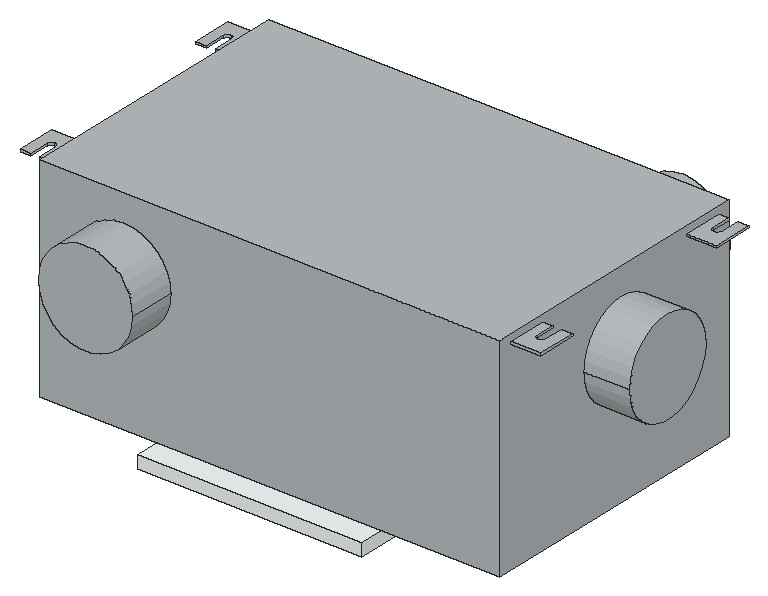
Revit family "sku-25_65hc_50Hz", category 機械設備, Revit 2019
Family settings
  丸型コネクタ寸法 = 直径を使用
  パーツ タイプ = 標準
  OmniClass 番号 = 23.75.10.34.21
  OmniClass タイトル = Heat Exchangers for Ventilation Air
  作業面ベース = いいえ
  常に垂直 = はい
  ロード時にボイドで切り取り = いいえ
  共有 = いいえ
  部屋計算ポイント = はい
Parameters (values of type "SKU-25HC")
  騒音レベル(dB(A)) = 29
  風量 = 250.0 m³/h
  面風速 = 3.93 m/s
  電源種別 [instance] = "一般"
  電圧 = 100 V
  電動機出力 = 0 W
  集中コントローラ = ""
  運転質量 = 0.00 kg
  連動 [instance] = ""
  質量 = if(製品質量 > 運転質量, 製品質量, 運転質量) * 1.2  # 18.60 kg
  負荷分類 = 3_ファン類
  説明 = "店舗用ロスナイ 真下グリル形"
  設計風量 = 0.0 m³/h
  設置方法 = "カセット形"
  記号 [instance] = ""
  製造元 = "三菱電機株式会社"
  製品質量 = 15.50 kg
  製品出荷対象 = "国内"
  製品リリース年月 = "2003/5/1"
  製品グループ = ""
  系統 [instance] = ""
  符号 = "HEU"
  積算_科目 = "1 空気調和設備"
  積算_拾い区分 [instance] = ""
  相 = 1
  盤記号 [instance] = ""
  発停方法 [instance] = "別売スイッチ"
  特殊仕様 [instance] = ""
  火災停止 [instance] = ""
  温度交換効率 = 50.00%
  消費電力 = 73 W
  法定耐用年数 = "15"
  機外静圧_排気 = 20.0 Pa
  機外静圧 = 20.0 Pa
  構成部品 = "排気グリル、ライン形給気グリル"
  極数 = 2
  材質 [instance] = ""
  本体マテリアル = 溶融亜鉛めっき鋼板
  操作・制御方式 = ""
  操作・制御スイッチ = ""
  排気量 = 0.0 m³/h
  形式 = "カセット形"
  幹線記号 [instance] = ""
  対象室 [instance] = ""
  実風量 = 0.0 m³/h
  始動方式 [instance] = "直入"
  天吊金具_径 = 6.5 mm
  天吊金具_幅 = 30 mm
  外気量 = 0.0 m³/h
  呼称 = "全熱交換ユニット"
  周波数 = 50 Hz
  天吊金具ピッチ2 = 330 mm
  天吊金具ピッチ1 = 736 mm
  天吊金具_高さ = 10 mm
  参照している仕様書等のバージョン = ""
  初期抵抗 = 0.0 Pa
  分類コード = "50052504100080"
  分類グループ = ""
  価格 = 148000
  企業コード = "108420"
  付属品_フィルター_還気 = ""
  付属品_フィルター = ""
  付属品 [instance] = ""
  仕様書バージョン = "Version1.0"
  モデル = "SKU-25HC"
  パネルマテリアル = 樹脂成形
  コメント [instance] = ""
  Keynote = ""
  エンタルピ交換効率_暖房 = 38.00%
  エンタルピ交換効率_冷房 = 32.00%
  Assembly Code = ""
  Width = 690 mm
  Version = ""
  Uniclass2015Version = "Systems v1.9"
  Uniclass2015Title = "Thermal wheels"
  Uniclass2015Code = "Pr_60_60_36_88"
  URL = "https://www.mitsubishielectric.co.jp/ldg/wink/ssl/displayProduct.do?pid=42643"
  SpecificationReference = ""
  SpecificationDescription = ""
  Panel_Center = 13 mm
  Duct_W_SA_EA = 220 mm
  Duct_W_OA = 13 mm
  SAサイズ_D = 142 mm
  Revision = ""
  RAサイズ_D = 0 mm
  ProductInformation = ""
  OmniClassCode = "23-27 23 19 11"
  OAサイズ_W = 0 mm
  OAサイズ_D = 142 mm
  MIN風量 = 160.0 m³/h
  MIN静圧 = 0.0 Pa
  MAX風量 = 250.0 m³/h
  MAX静圧 = 20.0 Pa
  IfcTypeProduct = ""
  IfcProduct = ""
  IfcExportType = "ROTARYWHEEL"
  IfcExportAs = "IfcAirToAirHeatRecoveryType"
  Height = 318 mm
  EAサイズ_W = 0 mm
  EAサイズ_D = 142 mm
  Duct_Pitch = 320 mm
  Duct_Height = 111 mm
  Duct_Depth = 70 mm
  Depth = 430 mm
  Panel_Width = 337 mm
  Panel_Height = 18 mm
  Panel_Depth = 505 mm
  Author = "三菱電機株式会社"
Types (4, lengths in mm): name | 騒音レベル(dB(A)) | 風量 | 面風速 | 質量 | 製品質量 | 温度交換効率 | 消費電力 | 機外静圧_排気 | 機外静圧 | 天吊金具ピッチ2 | 天吊金具ピッチ1 | 価格 | モデル | エンタルピ交換効率_暖房 | エンタルピ交換効率_冷房 | Width | URL | Duct_W_SA_EA | Duct_W_OA | SAサイズ_D | OAサイズ_D | MIN風量 | MAX風量 | MAX静圧 | Height | EAサイズ_D | Duct_Height | Duct_Depth | Depth | Panel_Width | Panel_Depth
  SKU-25HC | 29 | 250.0 m³/h | 3.93 m/s | 18.60 kg | 15.50 kg | 50.00% | 73 W | 20.0 Pa | 20.0 Pa | 330 | 736 | 148000 | "SKU-25HC" | 38.00% | 32.00% | 690 | "https://www.mitsubishielectric.co.jp/ldg/wink/ssl/displayProduct.do?pid=42643" | 220 | 13 | 142 | 142 | 160.0 m³/h | 250.0 m³/h | 20.0 Pa | 318 | 142 | 111 | 70 | 430 | 337 | 505
  SKU-35HC | 38 | 350.0 m³/h | 5.5 m/s | 19.20 kg | 16.00 kg | 44.00% | 122 W | 10.0 Pa | 10.0 Pa | 330 | 736 | 168000 | "SKU-35HC" | 32.00% | 26.00% | 690 | "https://www.mitsubishielectric.co.jp/ldg/wink/ssl/displayProduct.do?pid=42644" | 220 | 13 | 142 | 142 | 210.0 m³/h | 350.0 m³/h | 10.0 Pa | 318 | 142 | 111 | 70 | 430 | 337 | 505
  SKU-50HC | 37 | 500.0 m³/h | 4.42 m/s | 31.20 kg | 26.00 kg | 52.00% | 166 W | 20.0 Pa | 20.0 Pa | 420 | 872 | 214000 | "SKU-50HC" | 40.00% | 33.00% | 826 | "https://www.mitsubishielectric.co.jp/ldg/wink/ssl/displayProduct.do?pid=42645" | 262 | 19 | 192 | 192 | 320.0 m³/h | 500.0 m³/h | 20.0 Pa | 390 | 192 | 142 | 85 | 520 | 419 | 595
  SKU-65HC | 41 | 650.0 m³/h | 5.75 m/s | 31.20 kg | 26.00 kg | 47.00% | 209 W | 10.0 Pa | 10.0 Pa | 420 | 872 | 242000 | "SKU-65HC" | 35.00% | 29.00% | 826 | "https://www.mitsubishielectric.co.jp/ldg/wink/ssl/displayProduct.do?pid=42646" | 262 | 19 | 192 | 192 | 410.0 m³/h | 650.0 m³/h | 10.0 Pa | 390 | 192 | 142 | 85 | 520 | 419 | 595
Reference planes
  plane 1 "中心(正面/背面)": y = 0
  plane 2: z = 0
  plane 3 "中心(左/右)": x = 0
  plane 4: x = -345
  plane 5: x = 345
  plane 6: y = 215
  plane 7: y = -215
  plane 8: z = 207
  plane 9: x = -220
  plane 10: y = -285
  plane 11: x = -368
  plane 12: x = 368
  plane 13: y = 165
  plane 14: y = -165
  plane 15: y = 195
  plane 16: y = 135
  plane 17: y = -135
  plane 18: y = -195
  plane 19: z = 308
  plane 20: z = 305
  plane 21: x = -168.5
  plane 22: y = 252.5
  plane 23: y = -252.5
  plane 24: x = 168.5
  plane 25: z = -18
  plane 26: x = -390.5
  plane 27: x = 390.5
  plane 28: x = 220
  plane 29: y = 13
  plane 30: x = 415
  plane 31: z = 318
  plane 32: y = 285
Forms (mm)
  Extrusion 1, solid, material "溶融亜鉛めっき鋼板" <- "本体マテリアル", detail levels fine
    sketch origin (0, 0, 0) x (1, 0, 0) y (0, 1, 0)
      loop
        line (-345, 215) -> (-345, -215) -> (345, -215) -> (345, 215) -> (-345, 215)
    from 318 to 0
  Extrusion 2, solid, material "溶融亜鉛めっき鋼板" <- "本体マテリアル", detail levels fine
    sketch origin (-510, -445, 0) x (1, 0, 0) y (0, 0, 1)
      loop
        circle (290, 207) r 71
    from -230 to -160
  Extrusion 3, solid, material "樹脂成形" <- "パネルマテリアル", detail levels fine
    sketch origin (0, 0, 0) x (1, 0, 0) y (0, 1, 0)
      loop
        line (-168.5, 252.5) -> (-168.5, -252.5) -> (168.5, -252.5) -> (168.5, 252.5) -> (-168.5, 252.5)
    from -18 to 0
  Extrusion 4, solid, material "溶融亜鉛めっき鋼板", detail levels fine
    sketch origin (0, 0, 0) x (1, 0, 0) y (0, 1, 0)
      loop
        line (-345, 195) -> (-390.5, 195) -> (-390.5, 135) -> (-374.5, 135) -> (-374.5, 165)
        arc (-374.5, 165) -> (-368, 171.5) -> (-361.5, 165) r 6.5
        line (-361.5, 165) -> (-361.5, 135) -> (-345, 135) -> (-345, 195)
    from 305 to 308
  Extrusion 5, solid, material "溶融亜鉛めっき鋼板", detail levels fine
    sketch origin (0, 0, 0) x (1, 0, 0) y (0, 1, 0)
      loop
        line (-345, -135) -> (-390.5, -135) -> (-390.5, -195) -> (-374.5, -195) -> (-374.5, -165)
        arc (-374.5, -165) -> (-368, -158.5) -> (-361.5, -165) r 6.5
        line (-361.5, -165) -> (-361.5, -195) -> (-345, -195) -> (-345, -135)
    from 305 to 308
  Extrusion 6, solid, material "溶融亜鉛めっき鋼板", detail levels fine
    sketch origin (0, 0, 0) x (-1, 0, 0) y (0, -1, 0)
      loop
        line (-345, 195) -> (-390.5, 195) -> (-390.5, 135) -> (-374.5, 135) -> (-374.5, 165)
        arc (-374.5, 165) -> (-368, 171.5) -> (-361.5, 165) r 6.5
        line (-361.5, 165) -> (-361.5, 135) -> (-345, 135) -> (-345, 195)
    from 305 to 308
  Extrusion 7, solid, material "溶融亜鉛めっき鋼板", detail levels fine
    sketch origin (0, 420, 0) x (-1, 0, 0) y (0, -1, 0)
      loop
        line (-345, 285) -> (-390.5, 285) -> (-390.5, 225) -> (-374.5, 225) -> (-374.5, 255)
        arc (-374.5, 255) -> (-368, 261.5) -> (-361.5, 255) r 6.5
        line (-361.5, 255) -> (-361.5, 225) -> (-345, 225) -> (-345, 285)
    from 305 to 308
  Extrusion 8, solid, material "溶融亜鉛めっき鋼板" <- "本体マテリアル", detail levels fine
    sketch origin (-510, 445, 0) x (1, 0, 0) y (0, 0, -1)
      loop
        circle (730, -207) r 71
    from -230 to -160
  Extrusion 9, solid, material "溶融亜鉛めっき鋼板" <- "本体マテリアル", detail levels fine
    sketch origin (0, 0, 0) x (0, 1, 0) y (0, 0, 1)
      loop
        circle (13, 207) r 71
    from 345 to 415
Lines and regions (mm)
  Masking region 1, detail levels coarse+medium
    outline origin (1326.5, 29, 0) x (1, 0, 0) y (0, 1, 0)
      loop
        line (-1671.5, 186) -> (-1671.5, -244) -> (-981.5, -244) -> (-981.5, 186) -> (-1671.5, 186)
  symbolic lines, detail levels coarse+medium
    curve 1: line (0, 215, 0) -> (-345, 0, 0)
    curve 2: line (-345, 0, 0) -> (0, -215, 0)
    curve 3: line (0, -215, 0) -> (345, 0, 0)
    curve 4: line (345, 0, 0) -> (0, 215, 0)
Dimensions and locks
  equal spacing: plane 4, plane 3 "中心(左/右)", plane 5
  "Width": plane 4 to plane 5
  equal spacing: plane 6, plane 1 "中心(正面/背面)", plane 7
  "Depth": plane 6 to plane 7
  "Duct_Depth": plane 7 to plane 10
  equal spacing: plane 11, plane 3 "中心(左/右)", plane 12
  "天吊金具ピッチ1": plane 11 to plane 12
  equal spacing: plane 13, plane 1 "中心(正面/背面)", plane 14
  "天吊金具ピッチ2": plane 13 to plane 14
  equal spacing: plane 15, plane 13, plane 16
  locked: plane 19 to plane 20 at 3
  equal spacing: plane 22, plane 1 "中心(正面/背面)", plane 23
  "Panel_Depth": plane 22 to plane 23
  equal spacing: plane 17, plane 14, plane 18
  "天吊金具_幅": plane 14 to plane 18
  "天吊金具_幅": plane 13 to plane 16
  locked: plane 26 to plane 11 at 22.5
  locked: plane 12 to plane 27 at 22.5
  equal spacing: plane 21, plane 3 "中心(左/右)", plane 24
  "Panel_Width": plane 21 to plane 24
  "Duct_W_SA_EA": plane 3 "中心(左/右)" to plane 9
  "Duct_W_SA_EA": plane 3 "中心(左/右)" to plane 28
  "Duct_W_OA": plane 1 "中心(正面/背面)" to plane 29
  "Duct_Depth": plane 5 to plane 30
  "Height": plane 31 to level
  "Duct_Height": plane 31 to plane 8
  "Panel_Height": level to plane 25
  "天吊金具_高さ": plane 31 to plane 19
  "Duct_Depth": plane 32 to plane 6
  "SAサイズ_D": diameter of Extrusion 2 sketch curve
  "天吊金具_径": radius of Extrusion 4 sketch curve
  "天吊金具_径": radius of Extrusion 5 sketch curve
  "天吊金具_径": radius of Extrusion 6 sketch curve
  "天吊金具_径": radius of Extrusion 7 sketch curve
  "EAサイズ_D": diameter of Extrusion 8 sketch curve
  "OAサイズ_D": diameter of Extrusion 9 sketch curve
  aligned and locked: level to plane 2
  aligned and locked: Masking region 1 to plane 4
  aligned and locked: plane 5 to Masking region 1
  aligned and locked: plane 6 to Masking region 1
  aligned and locked: Masking region 1 to plane 7
  aligned and locked: plane 12 to nested 1
  aligned and locked: plane 11 to nested 1
  aligned and locked: nested 1 to plane 14
  aligned and locked: plane 13 to nested 1
  aligned and locked: Extrusion 2 to plane 10
  aligned and locked: plane 7 to Extrusion 2
  aligned and locked: Extrusion 3 sketch curve to plane 22
  aligned and locked: plane 21 to Extrusion 3 sketch curve
  aligned and locked: plane 23 to Extrusion 3 sketch curve
  aligned and locked: Extrusion 3 sketch curve to plane 24
  aligned and locked: Extrusion 3 to plane 25
  aligned and locked: plane 4 to Extrusion 4 sketch curve
  aligned and locked: plane 15 to Extrusion 4 sketch curve
  aligned and locked: Extrusion 4 sketch curve to plane 26
  aligned and locked: Extrusion 4 sketch curve to plane 16  (x2)
  aligned and locked: plane 17 to Extrusion 5 sketch curve
  aligned and locked: plane 4 to Extrusion 5 sketch curve
  aligned and locked: Extrusion 5 sketch curve to plane 26
  aligned and locked: Extrusion 5 sketch curve to plane 18  (x2)
  aligned and locked: Extrusion 6 sketch curve to plane 18
  aligned and locked: Extrusion 6 sketch curve to plane 5
  aligned and locked: Extrusion 6 sketch curve to plane 27
  aligned and locked: Extrusion 7 sketch curve to plane 27
  aligned and locked: Extrusion 7 sketch curve to plane 16
  aligned and locked: Extrusion 7 sketch curve to plane 5
  aligned and locked: plane 15 to Extrusion 7 sketch curve  (x2)
  aligned and locked: Extrusion 5 to plane 20
  aligned and locked: plane 19 to Extrusion 5
  aligned and locked: Extrusion 4 to plane 20
  aligned and locked: plane 19 to Extrusion 4
  aligned and locked: Extrusion 6 to plane 20
  aligned and locked: plane 19 to Extrusion 6
  aligned and locked: Extrusion 7 to plane 20
  aligned and locked: plane 19 to Extrusion 7
  aligned and locked: plane 30 to Extrusion 9
  aligned and locked: Extrusion 9 to plane 5
  aligned and locked: Extrusion 1 to plane 31
  aligned and locked: Extrusion 1 to level
  aligned and locked: level to Extrusion 3
  aligned and locked: plane 32 to Extrusion 8
  aligned and locked: Extrusion 8 to plane 6
Automatic sketch dimensions
  plane 1 "中心(正面/背面)" to curve 1 = 0 mm
  curve 1 to plane 4 = 0 mm
  curve 2 to plane 3 "中心(左/右)" = 0 mm
  curve 4 to plane 3 "中心(左/右)" = 0 mm
  plane 1 "中心(正面/背面)" to curve 4 = 0 mm
  curve 4 to plane 5 = 0 mm
  curve 2 to plane 7 = 0 mm
  curve 4 to plane 6 = 0 mm
  Extrusion 1 sketch curve to plane 4 = 0 mm
  Extrusion 1 sketch curve to plane 5 = 0 mm
  Extrusion 1 sketch curve to plane 7 = 0 mm
  Extrusion 1 sketch curve to plane 6 = 0 mm
  Masking region 1 sketch curve to plane 4 = 0 mm
  Masking region 1 sketch curve to plane 5 = 0 mm
  Masking region 1 sketch curve to plane 7 = 0 mm
  Masking region 1 sketch curve to plane 6 = 0 mm
  Extrusion 2 sketch curve to plane 8 = 0 mm
  Extrusion 2 sketch curve to plane 9 = 0 mm
  Extrusion 4 sketch curve to plane 13 = 0 mm
  Extrusion 4 sketch curve to plane 11 = 0 mm
  Extrusion 5 sketch curve to plane 14 = 0 mm
  Extrusion 5 sketch curve to plane 11 = 0 mm
  Extrusion 6 sketch curve to plane 17 = 0 mm  (x2)
  Extrusion 6 sketch curve to plane 14 = 0 mm
  Extrusion 6 sketch curve to plane 12 = 0 mm
  Extrusion 7 sketch curve to plane 13 = 0 mm
  Extrusion 7 sketch curve to plane 12 = 0 mm
  Extrusion 8 sketch curve to plane 8 = 0 mm
  plane 28 to Extrusion 8 sketch curve = 0 mm
  Extrusion 9 sketch curve to plane 8 = 0 mm
  Extrusion 9 sketch curve to plane 29 = 0 mm
Nested families
  nested 1: "固定点" at (-368, -165, 0), type "固定点"
    with W 736 mm, D 330 mm
Connectors
  hvac at (-220, -285, 207), driven by "SAサイズ_D", driven by "風量", driven by "機外静圧"
    settings: on Extrusion 2, index 10, duct flow 250.0 m³/h, flow factor 0, pres drop 20.0 Pa, loss coef 0, conn angle 0.00°, conn width 304.8 mm, conn height 304.8 mm, conn diameter 142 mm, duct sys type 3, conn prof type 0, flow config 0, flow direction 2, loss method 4, conn ref index -1, conn util no, is conn primary yes, conn desc ""
  hvac at (220, 285, 207), driven by "SAサイズ_D", driven by "風量", driven by "機外静圧"
    settings: on Extrusion 8, index 12, duct flow 250.0 m³/h, flow factor 0, pres drop 20.0 Pa, loss coef 0, conn angle 0.00°, conn width 304.8 mm, conn height 304.8 mm, conn diameter 142 mm, duct sys type 3, conn prof type 0, flow config 0, flow direction 2, loss method 4, conn ref index -1, conn util no, is conn primary no, conn desc ""
  electrical at (0, 0, 318), driven by "極数", driven by "負荷分類", driven by "電圧", driven by "消費電力"
    settings: on Extrusion 1, index 13, voltage 100 V, apparent load 73 VA, apparent load phase1 0 VA, apparent load phase2 0 VA, apparent load phase3 0 VA, power factor 1, load classification "3_ファン類", number of poles 2, system type 30, power factor state 1, is connector primary yes, connector utility no, sub classification motor no, connector description ""
  hvac at (415, 13, 207), driven by "OAサイズ_D", driven by "外気量", driven by "機外静圧"
    settings: on Extrusion 9, index 14, duct flow 0.0 m³/h, flow factor 0, pres drop 20.0 Pa, loss coef 0, conn angle 0.00°, conn width 304.8 mm, conn height 304.8 mm, conn diameter 142 mm, duct sys type 4, conn prof type 0, flow config 0, flow direction 1, loss method 4, conn ref index -1, conn util no, is conn primary no, conn desc ""
Definition of nested family "固定点"
  Parameters (values of type "固定点")
    中心円 = 20 mm
    W [instance] = 1000 mm
    D [instance] = 1000 mm
  Reference planes
    plane 1 "中心(正面/背面)": y = 0
    plane 2: z = 0
    plane 3 "中心(左/右)": x = 0
    plane 4: x = 1000
    plane 5: y = 1000
  Lines and regions (mm)
    symbolic lines, detail levels fine
      curve 1: circle (0, 1000, 0) r 10 normal (0, 0, 1)
      curve 2: circle (0, 0, 0) r 10 normal (0, 0, 1)
      curve 3: circle (1000, 1000, 0) r 10 normal (0, 0, 1)
      curve 4: circle (1000, 0, 0) r 10 normal (0, 0, 1)
      curve 5: line (-200, 1000, 0) -> (1200, 1000, 0)
      curve 6: line (-200, 0, 0) -> (1200, 0, 0)
      curve 7: line (0, 1200, 0) -> (0, -200, 0)
      curve 8: line (1000, 1200, 0) -> (1000, -200, 0)
  Dimensions and locks
    "W": plane 3 "中心(左/右)" to plane 4
    "D": plane 1 "中心(正面/背面)" to plane 5
    "中心円": diameter of curve 1
    "中心円": diameter of curve 2
    "中心円": diameter of curve 3
    "中心円": diameter of curve 4
    aligned and locked: level to plane 2
    aligned and locked: plane 5 to curve 1
    aligned and locked: plane 3 "中心(左/右)" to curve 1
    aligned and locked: plane 3 "中心(左/右)" to curve 2
    aligned and locked: plane 1 "中心(正面/背面)" to curve 2
    aligned and locked: plane 4 to curve 3
    aligned and locked: plane 5 to curve 3
    aligned and locked: plane 1 "中心(正面/背面)" to curve 4
    aligned and locked: plane 4 to curve 4
    aligned and locked: plane 1 "中心(正面/背面)" to curve 6
    aligned and locked: curve 7 to plane 3 "中心(左/右)"
    aligned and locked: curve 8 to plane 4
  Automatic sketch dimensions
    curve 5 to plane 5 = 0 mm
    curve 6 to plane 3 "中心(左/右)" = 200 mm
    curve 5 to plane 3 "中心(左/右)" = 200 mm
    curve 4 to curve 6 = 200 mm
    curve 3 to curve 5 = 200 mm
    plane 1 "中心(正面/背面)" to curve 8 = 200 mm
    plane 1 "中心(正面/背面)" to curve 7 = 200 mm
    curve 3 to curve 8 = 200 mm
    curve 1 to curve 7 = 200 mm
